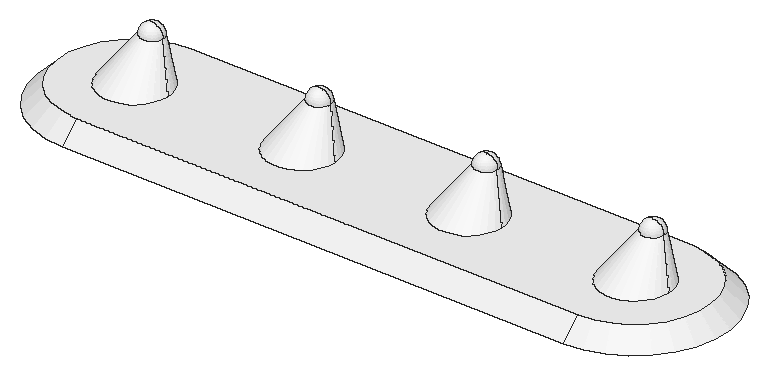
Revit family "KingswayGroup_ClthsHks_Anti-LigatureQuadCoatHookRack", category Specialty Equipment, Revit 2020
Family settings
  Round Connector Dimension = Use Diameter
  Part Type = Normal
  Work Plane-Based = No
  Always vertical = Yes
  Cut with Voids When Loaded = No
  Shared = No
  Room Calculation Point = No
Parameters (values of type "KG178 BE")
  WarrantyStartDate [instance] = "1900-12-31T23:59:59"
  WarrantyGuarantorParts = "sales@kingswaygroup.co.uk"  # constant formula
  WarrantyGuarantorLabor = "n/a"
  WarrantyDurationUnit = "year"  # constant formula
  WarrantyDurationParts = "5"  # constant formula
  WarrantyDurationLabor = "n/a"
  WarrantyDescription = "5-Year Guarantee *For faulty manufacture and not for damage"  # constant formula
  Version = "1"
  Uniclass2015Version = "Products v1.36"  # constant formula
  Uniclass2015Title = "Clothes hooks"  # constant formula
  Uniclass2015Code = "Pr_40_30_78_15"  # constant formula
  URL = "https://kingswaygroupglobal.com/"
  TagNumber [instance] = "n/a"
  SustainabilityPerformance = "n/a"
  Size = "305 x 80 x 28.5 mm"  # constant formula
  Shape = "n/a"
  SerialNumber [instance] = "n/a"
  Revision = "n/a"
  ReplacementCost = "n/a"
  ProductInformation = "https://kingswaygroupglobal.com/product/anti-ligature-quad-coat-hook-rack?noredirect=true"
  NominalWidth = 28.5 mm  # constant formula
  NominalLength = 305 mm  # constant formula
  NominalHeight = 80 mm  # constant formula
  Name = "ClothesHooks_Anti-LigatureQuadCoatHookRack_KG178BE_KingswayGroup"
  ModelReference = "Anti-Ligature Quad Coat Hook Rack"
  ModelNumber = "KG178 BE"
  PlateMaterial = NBS_Concept
  Model = ModelNumber  # "KG178 BE"
  HookMaterial = NBS_Concept
  Material = "Stainless Steel, Rubber"  # constant formula
  ManufacturerURL = "https://kingswaygroupglobal.com/"
  ManufacturerName = "Kingsway Group"  # constant formula
  Manufacturer = ManufacturerName  # "Kingsway Group"
  InstallationDate [instance] = "1900-12-31T23:59:59"
  IfcExportType = "USERDEFINED"  # constant formula
  IfcExportAs = "IfcFurnitureType"  # constant formula
  Grade = "n/a"
  Finish = "For full range of available finishes and colours, contact Kingsway Group"  # constant formula
  Features = "An anti-ligature coat hook rack suitable for patient areas featuring four flexible rubber hooks with low load release thresholds. The rubber hooks will support items such as coats or towels before releasing under additional weight. The stainless steel surround has an anodised finish whilst the rubber hooks are available in a choice of colours."  # constant formula
  ExpectedLife = "n/a"
  DurationUnit = "year"  # constant formula
  Description = "KG178 BE (Beige) Anti-Ligature Quad Coat Hook Rack"
  Default Elevation = 0 mm
  Constituents = "n/a"
  Color = "For full range of available finishes and colours, contact Kingsway Group"  # constant formula
  CodePerformance = "n/a"
  Category = "Pr_40_30_78_15:Clothes hooks"  # constant formula
  BarCode [instance] = "n/a"
  BIMObjectName = "KingswayGroup_ClothesHooks_Anti-LigatureQuadCoatHookRack"  # constant formula
  Author = "Kingsway Group"  # constant formula
  AssetType = "Fixed"
  AssetIdentifier [instance] = "n/a"
  AccessibilityPerformance = "n/a"
Types (6, lengths in mm): name | Name | ModelNumber | Model | Description
  (no name) | "ClothesHooks_Anti-LigatureQuadCoatHookRack_KG178BE_KingswayGroup" | "KG178 BE" | "KG178 BE" | "KG178 BE (Beige) Anti-Ligature Quad Coat Hook Rack"
  KG178 BK | "ClothesHooks_Anti-LigatureQuadCoatHookRack_KG178BK_KingswayGroup" | "KG178 BK" | "KG178 BK" | "KG178 BK (Black) Anti-Ligature Quad Coat Hook Rack"
  KG178 BL | "ClothesHooks_Anti-LigatureQuadCoatHookRack_KG178BL_KingswayGroup" | "KG178 BL" | "KG178 BL" | "KG178 BL (Blue) Anti-Ligature Quad Coat Hook Rack"
  KG178 CR | "ClothesHooks_Anti-LigatureQuadCoatHookRack_KG178CR_KingswayGroup" | "KG178 CR" | "KG178 CR" | "KG178 CR (Cream) Anti-Ligature Quad Coat Hook Rack"
  KG178 GR | "ClothesHooks_Anti-LigatureQuadCoatHookRack_KG178GR_KingswayGroup" | "KG178 GR" | "KG178 GR" | "KG178 GR (Grey) Anti-Ligature Quad Coat Hook Rack"
  KG178 BE | "ClothesHooks_Anti-LigatureQuadCoatHookRack_KG178BE_KingswayGroup" | "KG178 BE" | "KG178 BE" | "KG178 BE (Beige) Anti-Ligature Quad Coat Hook Rack"
Reference planes
  plane 1 "Center (Front/Back)": y = 0
  plane 2: z = 0
  plane 3 "Center (Left/Right)": x = 0
Forms (mm)
  Blend 1, solid, material "NBS_Concept" <- "PlateMaterial"
    base sketch origin (-75, 0, 0) x (1, 0, 0) y (0, 1, 0)
      loop
        arc (-37.5, 40) -> (-77.5, 0) -> (-37.5, -40) r 40
        line (-37.5, -40) -> (187.5, -40)
        arc (187.5, -40) -> (227.5, 0) -> (187.5, 40) r 40
        line (187.5, 40) -> (-37.5, 40)
    top sketch origin (-75, 0, 0) x (1, 0, 0) y (0, 1, 0)
      loop
        line (187.501, 32) -> (-37.5, 32)
        arc (-37.5, 32) -> (-69.5, 0) -> (-37.5, -32) r 32
        line (-37.5, -32) -> (187.501, -32)
        arc (187.501, -32) -> (219.501, 0) -> (187.501, 32) r 32
    from 0 to 8
  Blend 2, solid, material "NBS_Concept" <- "HookMaterial"
    base sketch origin (-75, 0, 0) x (1, 0, 0) y (0, 1, 0)
      loop
        circle (-37.487, 0.005) r 14.956
    top sketch origin (-75, 0, 0) x (1, 0, 0) y (0, 1, 0)
      loop
        arc (-42.498, 9.987) -> (-37.499, 5.006) -> (-32.5, 9.987) r 4.999
        arc (-32.5, 9.987) -> (-37.499, 14.969) -> (-42.498, 9.987) r 4.999
    from 8 to 23.5
  Revolve 3, solid, material "NBS_Concept" <- "HookMaterial"
    sketch origin (-75, 9.998, 0) x (1, 0, 0) y (0, 0, 1)
      loop
        line (-37.499, 28.5) -> (-37.499, 23.5) -> (-32.5, 23.5)
        spline (-32.5, 23.5) -> (-32.543, 24.153) -> (-32.67, 24.794) -> (-32.88, 25.413) -> (-33.17, 26) -> (-33.533, 26.544) -> (-33.964, 27.036) -> (-34.456, 27.467) -> (-34.999, 27.83) -> (-35.586, 28.119) -> (-36.205, 28.33) -> (-36.846, 28.457) -> (-37.499, 28.5)
      axis (-37.499, 23.5) -> (-37.499, 28.5)
    angle from 0 to 360
  Extrusion 4, void
    sketch origin (-75, 0, 0) x (0, 1, 0) y (0, 0, 1)
      loop
        arc (16.775, 26.432) -> (12.582, 15.536) -> (16.775, 4.64) r 16.256
        line (16.775, 4.64) -> (16.775, 26.432)
    from -55.419 to 211.064
  Blend 5, solid, material "NBS_Concept" <- "HookMaterial"
    base sketch origin (0.274, 0, 0) x (1, 0, 0) y (0, 1, 0)
      loop
        circle (-37.487, 0.005) r 14.956
    top sketch origin (0.274, 0, 0) x (1, 0, 0) y (0, 1, 0)
      loop
        arc (-42.498, 9.987) -> (-37.499, 5.006) -> (-32.5, 9.987) r 4.999
        arc (-32.5, 9.987) -> (-37.499, 14.969) -> (-42.498, 9.987) r 4.999
    from 8 to 23.5
  Revolve 6, solid, material "NBS_Concept" <- "HookMaterial"
    sketch origin (0.274, 9.998, 0) x (1, 0, 0) y (0, 0, 1)
      loop
        line (-37.499, 28.5) -> (-37.499, 23.5) -> (-32.5, 23.5)
        spline (-32.5, 23.5) -> (-32.543, 24.153) -> (-32.67, 24.794) -> (-32.88, 25.413) -> (-33.17, 26) -> (-33.533, 26.544) -> (-33.964, 27.036) -> (-34.456, 27.467) -> (-34.999, 27.83) -> (-35.586, 28.119) -> (-36.205, 28.33) -> (-36.846, 28.457) -> (-37.499, 28.5)
      axis (-37.499, 23.5) -> (-37.499, 28.5)
    angle from 0 to 360
  Blend 7, solid, material "NBS_Concept" <- "HookMaterial"
    base sketch origin (75.276, 0, 0) x (1, 0, 0) y (0, 1, 0)
      loop
        circle (-37.487, 0.005) r 14.956
    top sketch origin (75.276, 0, 0) x (1, 0, 0) y (0, 1, 0)
      loop
        arc (-42.498, 9.987) -> (-37.499, 5.006) -> (-32.5, 9.987) r 4.999
        arc (-32.5, 9.987) -> (-37.499, 14.969) -> (-42.498, 9.987) r 4.999
    from 8 to 23.5
  Revolve 8, solid, material "NBS_Concept" <- "HookMaterial"
    sketch origin (75.276, 9.998, 0) x (1, 0, 0) y (0, 0, 1)
      loop
        line (-37.499, 28.5) -> (-37.499, 23.5) -> (-32.5, 23.5)
        spline (-32.5, 23.5) -> (-32.543, 24.153) -> (-32.67, 24.794) -> (-32.88, 25.413) -> (-33.17, 26) -> (-33.533, 26.544) -> (-33.964, 27.036) -> (-34.456, 27.467) -> (-34.999, 27.83) -> (-35.586, 28.119) -> (-36.205, 28.33) -> (-36.846, 28.457) -> (-37.499, 28.5)
      axis (-37.499, 23.5) -> (-37.499, 28.5)
    angle from 0 to 360
  Blend 9, solid, material "NBS_Concept" <- "HookMaterial"
    base sketch origin (150.276, 0, 0) x (1, 0, 0) y (0, 1, 0)
      loop
        circle (-37.487, 0.005) r 14.956
    top sketch origin (150.276, 0, 0) x (1, 0, 0) y (0, 1, 0)
      loop
        arc (-42.498, 9.987) -> (-37.499, 5.006) -> (-32.5, 9.987) r 4.999
        arc (-32.5, 9.987) -> (-37.499, 14.969) -> (-42.498, 9.987) r 4.999
    from 8 to 23.5
  Revolve 10, solid, material "NBS_Concept" <- "HookMaterial"
    sketch origin (150.276, 9.998, 0) x (1, 0, 0) y (0, 0, 1)
      loop
        line (-37.499, 28.5) -> (-37.499, 23.5) -> (-32.5, 23.5)
        spline (-32.5, 23.5) -> (-32.543, 24.153) -> (-32.67, 24.794) -> (-32.88, 25.413) -> (-33.17, 26) -> (-33.533, 26.544) -> (-33.964, 27.036) -> (-34.456, 27.467) -> (-34.999, 27.83) -> (-35.586, 28.119) -> (-36.205, 28.33) -> (-36.846, 28.457) -> (-37.499, 28.5)
      axis (-37.499, 23.5) -> (-37.499, 28.5)
    angle from 0 to 360
Cuts and joins
  Extrusion 4 cuts Blend 2
  Extrusion 4 cuts Revolve 3
  Extrusion 4 cuts Blend 5
  Extrusion 4 cuts Revolve 6
  Extrusion 4 cuts Blend 7
  Extrusion 4 cuts Revolve 8
  Extrusion 4 cuts Blend 9
  Extrusion 4 cuts Revolve 10
Dimensions and locks
  aligned and locked: level to plane 2
